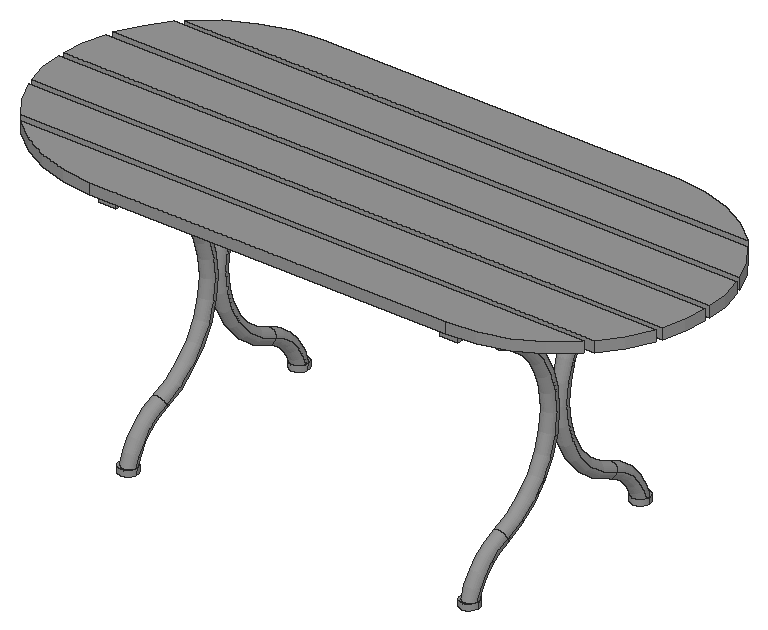
Revit family "10456 Стол садовый «Пассаж» Хоббика", category Антураж, Revit 2018
Family settings
  На основе рабочей плоскости = Нет
  Всегда вертикально = Да
  При загрузке вырезать с полостями = Нет
  Источник визуального образа = Геометрия семейства
  Общий = Нет
  Точка расчета площади = Нет
Parameters (values of type "Версия 1,8 м")
  Ширина = 810 mm  # constant formula
  Цвет отделки = Дерево
  Цвет каркаса = Сталь
  Описание = if([Версия 1,5 м], "Стол садовый «Пассаж». Версия 1,5 м", "Стол садовый «Пассаж». Версия 1,8 м")  # "Стол садовый «Пассаж». Версия 1,8 м"
  Материал изделия = "Сталь, дерево"  # constant formula
  Изображение типоразмера = Стол садовый «Пассаж» Арт 10546.jpg
  Изготовитель = "ООО «Хоббика»"  # constant formula
  Длина = if([Версия 1,5 м], 1500 mm, 1800 mm)  # 1800 mm
  Группа модели = "Садовые столы"  # constant formula
  Высота = 760 mm  # constant formula
  Версия 1,8 м = not([Версия 1,5 м])  # yes
  Версия 1,5 м = no
  Артикул товара = "Арт. 10546"  # constant formula
  URL = "https://hobbyka.ru/product/stol_sadovyy_passazh"
Types (3, lengths in mm): name | Описание | Длина | Версия 1,8 м | Версия 1,5 м
  (no name) | "Стол садовый «Пассаж». Версия 1,8 м" | 1800 | yes | no
  Версия 1,5 м | "Стол садовый «Пассаж». Версия 1,5 м" | 1500 | no | yes
  Версия 1,8 м | "Стол садовый «Пассаж». Версия 1,8 м" | 1800 | yes | no
Reference planes
  plane 1 "По центру (Вперед/Назад)": y = 0
  plane 2: z = 0
  plane 3 "По центру (Влево/Вправо)": x = 0
  plane 4: y = 810
  plane 5: z = 760
  plane 6: x = 1800
  plane 7: x = 1400
  plane 8: x = 400
  plane 9: x = 450
  plane 10: x = 1350
Forms (mm)
  Extrusion 1, solid, material "Дерево" <- "Цвет отделки"
    sketch origin (0, 0, 0) x (1, 0, 0) y (0, 1, 0)
      loop
        arc (405, 810) -> (249.115, 778.798) -> (117.25, 690) r 405
        line (117.25, 690) -> (1682.75, 690)
        arc (1682.75, 690) -> (1550.885, 778.798) -> (1395, 810) r 405
        line (1395, 810) -> (405, 810)
      loop
        arc (100.474, 672) -> (58.808, 615.181) -> (27.62, 552) r 405
        line (27.62, 552) -> (1772.38, 552)
        arc (1772.38, 552) -> (1741.192, 615.181) -> (1699.526, 672) r 405
        line (1699.526, 672) -> (100.474, 672)
      loop
        arc (21.094, 534) -> (6.059, 474.794) -> (0.1, 414) r 405
        line (0.1, 414) -> (1799.9, 414)
        arc (1799.9, 414) -> (1793.941, 474.794) -> (1778.906, 534) r 405
        line (1778.906, 534) -> (21.094, 534)
      loop
        arc (0.1, 396) -> (6.059, 335.206) -> (21.094, 276) r 405
        line (21.094, 276) -> (1778.906, 276)
        arc (1778.906, 276) -> (1793.941, 335.206) -> (1799.9, 396) r 405
        line (1799.9, 396) -> (0.1, 396)
      loop
        arc (27.62, 258) -> (58.808, 194.819) -> (100.474, 138) r 405
        line (100.474, 138) -> (1699.526, 138)
        arc (1699.526, 138) -> (1741.192, 194.819) -> (1772.38, 258) r 405
        line (1772.38, 258) -> (27.62, 258)
      loop
        arc (117.25, 120) -> (249.115, 31.202) -> (405, 0) r 405
        line (405, 0) -> (1395, 0)
        arc (1395, 0) -> (1550.885, 31.202) -> (1682.75, 120) r 405
        line (1682.75, 120) -> (117.25, 120)
    from 730 to 760
  Extrusion 2, solid, material "Дерево" <- "Цвет отделки"
    sketch origin (0, 0, 0) x (0, 1, 0) y (0, 0, 1)
      loop
        line (775, 730) -> (35, 730) -> (35, 695) -> (775, 695) -> (775, 730)
    from 400 to 450
  Extrusion 3, solid, material "Дерево" <- "Цвет отделки"
    sketch origin (0, 0, 0) x (0, 1, 0) y (0, 0, 1)
      loop
        line (775, 730) -> (35, 730) -> (35, 695) -> (775, 695) -> (775, 730)
    from 1350 to 1400
  Sweep 4, solid, material "Сталь" <- "Цвет каркаса"
    path origin (0, 0, 0) x (0, 1, 0) y (0, 0, 1)
      loop
        arc (625, 695) -> (402.5, 560.599) -> (180, 695) r 251.374
    profile origin (0, 402.5, 560.599) x (0, 0, -1) y (1, 0, 0)
      loop
        circle (-20, 425) r 20
  Sweep 5, solid, material "Сталь" <- "Цвет каркаса"
    path origin (1075, 0, 0) x (0, 1, 0) y (0, 0, 1)
      loop
        arc (625, 695) -> (402.5, 560.599) -> (180, 695) r 251.374
    profile origin (1075, 402.5, 560.599) x (0, 0, -1) y (1, 0, 0)
      loop
        circle (-20, 300) r 20
  Sweep 6, solid, material "Сталь" <- "Цвет каркаса"
    path origin (0, 0, 0) x (0, 1, 0) y (0, 0, 1)
      loop
        arc (208.723, 592.013) -> (367.568, 367.013) -> (208.723, 142.013) r 238.776
        arc (208.723, 142.013) -> (132.701, 92.07) -> (88.318, 12.673) r 191.403
    profile origin (0, 367.568, 367.013) x (1, 0, 0) y (0, 1, 0)
      loop
        circle (1375, 20) r 20
  Sweep 7, solid, material "Сталь" <- "Цвет каркаса"
    path origin (425, 0, 0) x (0, 1, 0) y (0, 0, 1)
      loop
        arc (208.723, 592.013) -> (367.568, 367.013) -> (208.723, 142.013) r 238.776
        arc (208.723, 142.013) -> (132.701, 92.07) -> (88.318, 12.673) r 191.403
    profile origin (425, 367.568, 367.013) x (1, 0, 0) y (0, 1, 0)
      loop
        circle (0, 20) r 20
  Sweep 8, solid, material "Сталь" <- "Цвет каркаса"
    path origin (0, 810, 0) x (0, -1, 0) y (0, 0, 1)
      loop
        arc (208.723, 592.013) -> (367.568, 367.013) -> (208.723, 142.013) r 238.776
        arc (208.723, 142.013) -> (132.701, 92.07) -> (88.318, 12.673) r 191.403
    profile origin (0, 442.432, 367.013) x (1, 0, 0) y (0, 1, 0)
      loop
        circle (1375, -20) r 20
  Sweep 9, solid, material "Сталь" <- "Цвет каркаса"
    path origin (425, 810, 0) x (0, -1, 0) y (0, 0, -1)
      loop
        arc (208.723, -592.013) -> (367.568, -367.013) -> (208.723, -142.013) r 238.776
        arc (208.723, -142.013) -> (132.701, -92.07) -> (88.318, -12.673) r 191.403
    profile origin (425, 442.432, 367.013) x (1, 0, 0) y (0, 1, 0)
      loop
        circle (0, -20) r 20
  Extrusion 10, solid, material "Сталь" <- "Цвет каркаса"
    sketch origin (0, 0, 0) x (1, 0, 0) y (0, 1, 0)
      loop
        circle (425, 107.594) r 25
      loop
        circle (425, 702.406) r 25
    from 0 to 15
  Extrusion 11, solid, material "Сталь" <- "Цвет каркаса"
    sketch origin (650, 0, 0) x (1, 0, 0) y (0, 1, 0)
      loop
        circle (725, 107.594) r 25
      loop
        circle (725, 702.406) r 25
    from 0 to 15
Lines and regions (mm)
  symbolic lines
    curve 1: line (0, 810, 1560) -> (0, 0, 1560)
    curve 2: line (0, 405, 1560) -> (0, 405, 1160)
Dimensions and locks
  "Высота": plane 5 to plane 2
  "Длина": plane 6 to plane 3 "По центру (Влево/Вправо)"
  "Ширина": plane 4 to plane 1 "По центру (Вперед/Назад)"
  plane 3 "По центру (Влево/Вправо)" to plane 8 to plane 9 = 400 mm, 50 mm locked
  plane 10 to plane 7 to plane 6 = 50 mm locked, 400 mm locked
  equal spacing: plane 9, Sweep 4, plane 8
  plane 6 to plane 3 "По центру (Влево/Вправо)" = 1800 mm
  equal spacing: plane 7, Sweep 5 sketch curve, plane 10
  equal spacing: plane 8, Sweep 7 sketch curve, plane 9
  equal spacing: plane 10, Sweep 6 sketch curve, plane 7
  equal spacing: plane 10, Sweep 8 sketch curve, plane 7
  equal spacing: plane 10, Extrusion 11 sketch curve, plane 7  (x2)
  aligned and locked: level to plane 2
  aligned and locked: plane 9 to Extrusion 2
  aligned and locked: Extrusion 2 to plane 8
  aligned and locked: plane 7 to Extrusion 3
  aligned and locked: Extrusion 3 to plane 10
Automatic sketch dimensions
  curve 1 to plane 1 "По центру (Вперед/Назад)" = 0 mm
  curve 1 to plane 4 = 0 mm
  plane 5 to curve 2 = 400 mm
  curve 2 to plane 1 "По центру (Вперед/Назад)" = 405 mm
  curve 2 to curve 2 = 400 mm
  Extrusion 1 sketch curve to Extrusion 1 sketch curve = 0 mm  (x60)
  plane 1 "По центру (Вперед/Назад)" to Extrusion 1 sketch curve = 0 mm
  Extrusion 1 sketch curve to plane 4 = 0 mm
  plane 3 "По центру (Влево/Вправо)" to Extrusion 1 sketch curve = 0.1 mm  (x2)
  plane 3 "По центру (Влево/Вправо)" to Extrusion 1 sketch curve = 21.094 mm  (x2)
  Extrusion 1 sketch curve to Extrusion 1 sketch curve = 6.526 mm  (x4)
  plane 3 "По центру (Влево/Вправо)" to Extrusion 1 sketch curve = 100.474 mm  (x2)
  Extrusion 1 sketch curve to Extrusion 1 sketch curve = 16.776 mm  (x4)
  plane 8 to Extrusion 1 sketch curve = 5 mm
  Extrusion 1 sketch curve to plane 7 = 5 mm
  Extrusion 1 sketch curve to plane 1 "По центру (Вперед/Назад)" = 120 mm
  Extrusion 1 sketch curve to plane 6 = 117.25 mm
  Extrusion 1 sketch curve to Extrusion 1 sketch curve = 18 mm  (x4)
  Extrusion 2 sketch curve to plane 1 "По центру (Вперед/Назад)" = 35 mm
  Extrusion 2 sketch curve to plane 4 = 35 mm
  Extrusion 2 sketch curve to plane 5 = 65 mm
  Extrusion 2 sketch curve to plane 5 = 30 mm
  Extrusion 3 sketch curve to plane 1 "По центру (Вперед/Назад)" = 35 mm
  Extrusion 3 sketch curve to plane 4 = 35 mm
  Extrusion 3 sketch curve to plane 5 = 65 mm
  Extrusion 3 sketch curve to plane 5 = 30 mm
  plane 5 to Sweep 4 sketch curve = 51.972 mm
  Sweep 4 sketch curve to plane 1 "По центру (Вперед/Назад)" = 402.5 mm
  Sweep 4 sketch curve to plane 5 = 65 mm  (x2)
  Sweep 4 sketch curve to plane 1 "По центру (Вперед/Назад)" = 180 mm
  profile plane to Sweep 4 sketch curve = 20 mm
  plane 3 "По центру (Влево/Вправо)" to Sweep 4 sketch curve = 425 mm
  plane 5 to Sweep 5 sketch curve = 51.972 mm
  Sweep 5 sketch curve to plane 1 "По центру (Вперед/Назад)" = 402.5 mm
  Sweep 5 sketch curve to plane 5 = 65 mm  (x2)
  Sweep 5 sketch curve to plane 1 "По центру (Вперед/Назад)" = 180 mm
  profile plane to Sweep 5 sketch curve = 20 mm
  Sweep 6 sketch curve to plane 1 "По центру (Вперед/Назад)" = 128.793 mm
  Sweep 6 sketch curve to level = 38.348 mm
  Sweep 6 sketch curve to plane 1 "По центру (Вперед/Назад)" = 272.796 mm
  level to Sweep 6 sketch curve = 367.013 mm
  level to Sweep 6 sketch curve = 12.673 mm
  Sweep 6 sketch curve to plane 1 "По центру (Вперед/Назад)" = 88.318 mm
  Sweep 6 sketch curve to Sweep 6 sketch curve = 0 mm
  Sweep 6 sketch curve to plane 5 = 167.987 mm
  Sweep 6 sketch curve to profile plane = 20 mm
  Sweep 7 sketch curve to plane 1 "По центру (Вперед/Назад)" = 128.793 mm
  Sweep 7 sketch curve to level = 38.348 mm
  Sweep 7 sketch curve to plane 1 "По центру (Вперед/Назад)" = 272.796 mm
  level to Sweep 7 sketch curve = 367.013 mm
  level to Sweep 7 sketch curve = 12.673 mm
  Sweep 7 sketch curve to plane 1 "По центру (Вперед/Назад)" = 88.318 mm
  Sweep 7 sketch curve to Sweep 7 sketch curve = 0 mm
  Sweep 7 sketch curve to plane 5 = 167.987 mm
  Sweep 7 sketch curve to profile plane = 20 mm
  plane 4 to Sweep 8 sketch curve = 128.793 mm
  level to Sweep 8 sketch curve = 38.348 mm
  plane 4 to Sweep 8 sketch curve = 272.796 mm
  Sweep 8 sketch curve to level = 367.013 mm
  Sweep 8 sketch curve to level = 12.673 mm
  plane 4 to Sweep 8 sketch curve = 88.318 mm
  Sweep 8 sketch curve to Sweep 8 sketch curve = 0 mm
  plane 5 to Sweep 8 sketch curve = 167.987 mm
  profile plane to Sweep 8 sketch curve = 20 mm
  Sweep 9 sketch curve to plane 4 = 128.793 mm
  Sweep 9 sketch curve to level = 38.348 mm
  Sweep 9 sketch curve to plane 4 = 272.796 mm
  level to Sweep 9 sketch curve = 367.013 mm
  level to Sweep 9 sketch curve = 12.673 mm
  Sweep 9 sketch curve to plane 4 = 88.318 mm
  Sweep 9 sketch curve to Sweep 9 sketch curve = 0 mm
  Sweep 9 sketch curve to plane 5 = 167.987 mm
  Sweep 9 sketch curve to profile plane = 0 mm
  profile plane to Sweep 9 sketch curve = 20 mm
  plane 8 to Extrusion 10 sketch curve = 25 mm  (x2)
  Extrusion 10 sketch curve to plane 1 "По центру (Вперед/Назад)" = 107.594 mm
  Extrusion 10 sketch curve to plane 4 = 107.594 mm
  Extrusion 11 sketch curve to plane 1 "По центру (Вперед/Назад)" = 107.594 mm
  Extrusion 11 sketch curve to plane 4 = 107.594 mm
  radius of Sweep 4 sketch curve = 20 mm
  radius of Sweep 5 sketch curve = 20 mm
  radius of Sweep 6 sketch curve = 20 mm
  radius of Sweep 7 sketch curve = 20 mm
  radius of Sweep 8 sketch curve = 20 mm
  radius of Sweep 9 sketch curve = 20 mm
  radius of Extrusion 10 sketch curve = 25 mm  (x2)
  radius of Extrusion 11 sketch curve = 25 mm  (x2)
